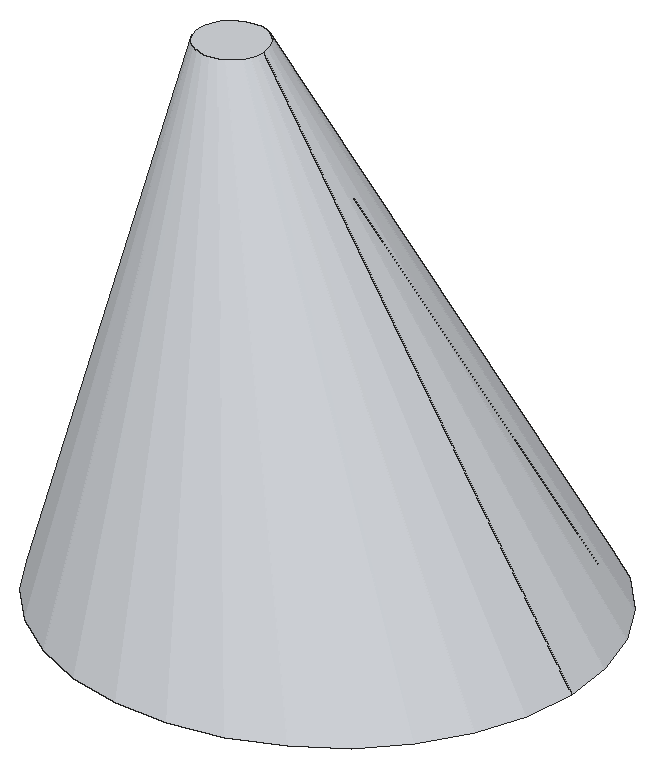
Revit family "E_FF130R Loft Cone", category Specialty Equipment, Revit 2015
Parameters (values of type "220x230mm")
  Youtube Clip = ""
  Width = 220 mm
  URL = "https://www.tenmat.com/passive-fire-protection/"
  Tenmat Item Number = ""
  Performance = "BS EN 1366-3:2009 & BS 476, ETA-12/0332, 1224-CPR-0341, CE Marked"
  Material/Grade = "Firefly 130"
  Manufacturer = "Tenmat ltd"
  Length = 230 mm
  IFC Classification = "Building Element Proxy"
  Description = "Firefly 130R 220x230mm Loft Cone"
  Height = 220 mm
Reference planes
  plane 1 "Center (Front/Back)": y = -226.673
  plane 2: z = 0
  plane 3 "Center (Left/Right)": x = 0
  plane 4: y = -116.673
  plane 5: y = -336.673
  plane 6: x = -115
  plane 7: x = 115
  plane 8 "Top of Cone": z = 220
  plane 9: x = -45
Forms (mm)
  SweptBlend 1, solid
    path origin (0, -226.673, 0) x (1, 0, 0) y (0, 0, 1)
      loop
        line (0, 0) -> (0, 220)
    profile origin (0, -226.673, 0) x (-1, 0, 0) y (0, -1, 0)
      loop
        spline (115, 0) -> (111.081, 28.47) -> (99.593, 55) -> (81.317, 77.782) -> (57.5, 95.263) -> (29.764, 106.252) -> (0, 110) -> (-29.764, 106.252) -> (-57.5, 95.263) -> (-81.317, 77.782) -> (-99.593, 55) -> (-111.081, 28.47) -> (-115, 0)
        spline (-115, 0) -> (-111.081, -28.47) -> (-99.593, -55) -> (-81.317, -77.782) -> (-57.5, -95.263) -> (-29.764, -106.252) -> (0, -110) -> (29.764, -106.252) -> (57.5, -95.263) -> (81.317, -77.782) -> (99.593, -55) -> (111.081, -28.47) -> (115, 0)
    end profile origin (0, -226.673, 220) x (-1, 0, 0) y (0, -1, 0)
      loop
        circle (45, 0) r 15
  SweptBlend 2, void
    path origin (0, -226.673, 0) x (1, 0, 0) y (0, 0, 1)
      loop
        line (0, 0) -> (0, 210.973)
    profile origin (0, -226.673, 0) x (-1, 0, 0) y (0, -1, 0)
      loop
        spline (106, 0) -> (102.414, 26.042) -> (91.886, 50.349) -> (75.094, 71.276) -> (53.148, 87.382) -> (27.53, 97.533) -> (0, 101) -> (-27.53, 97.533) -> (-53.148, 87.382) -> (-75.094, 71.276) -> (-91.886, 50.349) -> (-102.414, 26.042) -> (-106, 0)
        spline (-106, 0) -> (-102.414, -26.042) -> (-91.886, -50.349) -> (-75.094, -71.276) -> (-53.148, -87.382) -> (-27.53, -97.533) -> (0, -101) -> (27.53, -97.533) -> (53.148, -87.382) -> (75.094, -71.276) -> (91.886, -50.349) -> (102.414, -26.042) -> (106, 0)
    end profile origin (0, -226.673, 210.973) x (-1, 0, 0) y (0, -1, 0)
      loop
        circle (45, 0) r 10.5
Cuts and joins
  SweptBlend 2 cuts SweptBlend 1
Dimensions and locks
  equal spacing: plane 4, plane 1 "Center (Front/Back)", plane 5
  "Width": plane 4 to plane 5
  equal spacing: plane 6, plane 3 "Center (Left/Right)", plane 7
  "Length": plane 6 to plane 7
  plane 8 "Top of Cone" to plane 2 = 220 mm
  locked: plane 9 to plane 6 at 70
  aligned and locked: level to plane 2
  aligned and locked: SweptBlend 1 to SweptBlend 2 sketch curve
Automatic sketch dimensions
  SweptBlend 1 sketch curve to plane 3 "Center (Left/Right)" = 0 mm
  SweptBlend 1 sketch curve to level = 0 mm
  SweptBlend 1 sketch curve to plane 8 "Top of Cone" = 0 mm
  plane 1 "Center (Front/Back)" to SweptBlend 1 sketch curve = 0 mm  (x2)
  SweptBlend 1 sketch curve to profile plane = 0 mm
  SweptBlend 1 sketch curve to profile plane = 115 mm
  SweptBlend 1 sketch curve to profile plane = 45 mm
  plane 1 "Center (Front/Back)" to SweptBlend 2 sketch curve = 0 mm  (x3)
  profile plane to SweptBlend 2 sketch curve = 106 mm
  SweptBlend 2 sketch curve to SweptBlend 2 sketch curve = 0 mm  (x2)
  SweptBlend 2 sketch curve to profile plane = 106 mm
  SweptBlend 2 sketch curve to plane 3 "Center (Left/Right)" = 0 mm
  SweptBlend 2 sketch curve to profile plane = 45 mm
  SweptBlend 2 sketch curve to plane 8 "Top of Cone" = 9.027 mm
  radius of SweptBlend 1 sketch curve = 15 mm
  radius of SweptBlend 2 sketch curve = 10.5 mm
